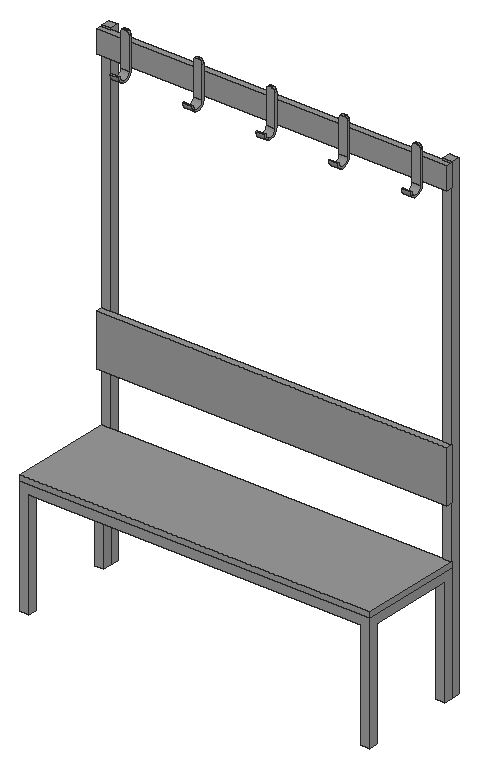
Revit family "Скамейка с вешалкой для раздевалок «Фортран» Арт 20742", category Антураж, Revit 2018
Family settings
  На основе рабочей плоскости = Нет
  Всегда вертикально = Да
  При загрузке вырезать с полостями = Нет
  Источник визуального образа = Геометрия семейства
  Общий = Нет
  Точка расчета площади = Нет
Parameters (values of type "Версия 1,2 м")
  Ширина = 380 mm  # constant formula
  Цвет опор = Сталь
  Цвет лавки = Настил HPL панели
  Описание = if([Версия 1,2 м], "Скамейка с вешалкой для раздевалок «Фортран». Версия 1,2 м", "Скамейка с вешалкой для раздевалок «Фортран». Версия 1,5 м")  # "Скамейка с вешалкой для раздевалок «Фортран». Версия 1,2 м"
  Материал изделия = "Сталь, настил HPL панели"  # constant formula
  Кол-во крючков = if([Версия 1,2 м], 5, 7)  # 5
  Изображение типоразмера = Скамейка с вешалкой для раздевалок «Фортран» Арт 20742.jpg
  Изготовитель = "ООО «Хоббика»"  # constant formula
  Длина = if([Версия 1,2 м], 1200 mm, 1500 mm)  # 1200 mm
  Группа модели = "Скамейки для раздевалок"  # constant formula
  Высота = 1650 mm  # constant formula
  Версия 1,5 м = not([Версия 1,2 м])  # no
  Версия 1,2 м = yes
  Артикул товара = "Арт. 20742"  # constant formula
  URL = "https://hobbyka.ru/product/skameyka_s_veshalkoy_dlya_razdevalok_fortran/"
Types (3, lengths in mm): name | Описание | Кол-во крючков | Длина | Версия 1,5 м | Версия 1,2 м
  (no name) | "Скамейка с вешалкой для раздевалок «Фортран». Версия 1,2 м" | 5 | 1200 | no | yes
  Версия 1,2 м | "Скамейка с вешалкой для раздевалок «Фортран». Версия 1,2 м" | 5 | 1200 | no | yes
  Версия 1,5 м | "Скамейка с вешалкой для раздевалок «Фортран». Версия 1,5 м" | 7 | 1500 | yes | no
Reference planes
  plane 1 "По центру (Вперед/Назад)": y = 0
  plane 2: z = 0
  plane 3 "По центру (Влево/Вправо)": x = 0
  plane 4: y = 380
  plane 5: x = 1200
  plane 6: z = 1650
  plane 7: x = 1170
  plane 8: x = 100
  plane 9: x = 1100
Forms (mm)
  Extrusion 1, solid, material "Сталь" <- "Цвет опор"
    sketch origin (0, 0, 0) x (1, 0, 0) y (0, 1, 0)
      loop
        line (0, 380) -> (0, 350) -> (30, 350) -> (30, 380) -> (0, 380)
      loop
        line (1170, 380) -> (1170, 350) -> (1200, 350) -> (1200, 380) -> (1170, 380)
    from 0 to 1650
  Extrusion 2, solid, material "Сталь" <- "Цвет опор"
    sketch origin (0, 0, 0) x (0, 1, 0) y (0, 0, 1)
      loop
        line (350, 0) -> (350, 400) -> (0, 400) -> (0, 0) -> (30, 0) -> (30, 370) -> (320, 370) -> (320, 0) -> (350, 0)
    from 0 to 30
  Extrusion 3, solid, material "Сталь" <- "Цвет опор"
    sketch origin (0, 0, 0) x (0, 1, 0) y (0, 0, 1)
      loop
        line (350, 0) -> (350, 400) -> (0, 400) -> (0, 0) -> (30, 0) -> (30, 370) -> (320, 370) -> (320, 0) -> (350, 0)
    from 1170 to 1200
  Extrusion 4, solid, material "Сталь" <- "Цвет опор"
    sketch origin (0, 0, 0) x (0, 1, 0) y (0, 0, 1)
      loop
        line (350, 400) -> (320, 400) -> (320, 370) -> (350, 370) -> (350, 400)
      loop
        line (0, 400) -> (0, 370) -> (30, 370) -> (30, 400) -> (0, 400)
    from 0 to 1200
  Extrusion 5, solid, material "Настил HPL панели" <- "Цвет лавки"
    sketch origin (0, 0, 0) x (0, 1, 0) y (0, 0, 1)
      loop
        line (350, 400) -> (350, 420) -> (0, 420) -> (0, 400) -> (350, 400)
      loop
        line (350, 780) -> (330, 780) -> (330, 600) -> (350, 600) -> (350, 780)
      loop
        line (350, 1645) -> (330, 1645) -> (330, 1570) -> (350, 1570) -> (350, 1645)
    from 0 to 1200
  Extrusion 6, solid, material "Сталь" <- "Цвет опор"
    sketch origin (0, 0, 0) x (0, 1, 0) y (0, 0, 1)
      loop
        line (350, 705) -> (350, 675) -> (380, 675) -> (380, 705) -> (350, 705)
    from 30 to 1170
Cuts and joins
  joined: Extrusion 2, Extrusion 3, Extrusion 4
Dimensions and locks
  "Ширина": plane 4 to plane 1 "По центру (Вперед/Назад)"
  "Длина": plane 3 "По центру (Влево/Вправо)" to plane 5
  "Высота": plane 6 to plane 2
  locked: plane 7 to plane 5 at 30
  plane 8 to plane 3 "По центру (Влево/Вправо)" = 100 mm
  locked: plane 5 to plane 9 at 100
  equal spacing: group 1, group 3, group 4, group 5, group 2  (x3)
  aligned and locked: level to plane 2
  aligned and locked: cut or joined group of Extrusion 2, Extrusion 3, Extrusion 4 to plane 7
  aligned and locked: Extrusion 1 to plane 7
  aligned and locked: plane 5 to Extrusion 5
  aligned and locked: plane 5 to cut or joined group of Extrusion 2, Extrusion 3, Extrusion 4  (x2)
  aligned and locked: plane 7 to Extrusion 6
  aligned and locked: plane 8 to nested 1
  aligned and locked: plane 9 to nested 2
Automatic sketch dimensions
  Extrusion 1 sketch curve to plane 3 "По центру (Влево/Вправо)" = 0 mm
  Extrusion 1 sketch curve to plane 4 = 0 mm
  plane 4 to Extrusion 1 sketch curve = 0 mm
  Extrusion 1 sketch curve to plane 5 = 0 mm
  plane 3 "По центру (Влево/Вправо)" to Extrusion 1 sketch curve = 30 mm
  Extrusion 1 sketch curve to plane 5 = 30 mm
  Extrusion 1 sketch curve to plane 4 = 30 mm  (x2)
  Extrusion 2 sketch curve to level = 0 mm  (x2)
  Extrusion 2 sketch curve to plane 1 "По центру (Вперед/Назад)" = 0 mm
  Extrusion 2 sketch curve to plane 1 "По центру (Вперед/Назад)" = 30 mm
  Extrusion 2 sketch curve to plane 4 = 60 mm
  Extrusion 2 sketch curve to plane 4 = 30 mm
  level to Extrusion 2 sketch curve = 370 mm
  Extrusion 2 sketch curve to Extrusion 2 sketch curve = 30 mm
  Extrusion 3 sketch curve to level = 0 mm  (x2)
  Extrusion 3 sketch curve to plane 1 "По центру (Вперед/Назад)" = 0 mm
  Extrusion 3 sketch curve to plane 1 "По центру (Вперед/Назад)" = 30 mm
  Extrusion 3 sketch curve to plane 4 = 60 mm
  Extrusion 3 sketch curve to plane 4 = 30 mm
  level to Extrusion 3 sketch curve = 370 mm
  Extrusion 3 sketch curve to Extrusion 3 sketch curve = 30 mm
  Extrusion 4 sketch curve to plane 1 "По центру (Вперед/Назад)" = 0 mm
  Extrusion 4 sketch curve to Extrusion 4 sketch curve = 30 mm  (x4)
  Extrusion 4 sketch curve to plane 4 = 60 mm
  level to Extrusion 4 sketch curve = 370 mm
  Extrusion 4 sketch curve to Extrusion 4 sketch curve = 0 mm
  Extrusion 5 sketch curve to plane 1 "По центру (Вперед/Назад)" = 0 mm
  Extrusion 5 sketch curve to plane 6 = 5 mm
  Extrusion 5 sketch curve to plane 4 = 50 mm  (x2)
  Extrusion 5 sketch curve to Extrusion 5 sketch curve = 20 mm  (x3)
  Extrusion 5 sketch curve to plane 4 = 30 mm
  Extrusion 5 sketch curve to Extrusion 5 sketch curve = 75 mm
  level to Extrusion 5 sketch curve = 780 mm
  Extrusion 5 sketch curve to Extrusion 5 sketch curve = 180 mm  (x2)
  Extrusion 6 sketch curve to plane 4 = 0 mm
  Extrusion 6 sketch curve to plane 4 = 30 mm
  level to Extrusion 6 sketch curve = 675 mm
  Extrusion 6 sketch curve to Extrusion 6 sketch curve = 30 mm
Nested families
  nested 1: "Крючек для вешалок" at (100, 330, 590.652), type "Крючек для вешалок"
  nested 2: "Крючек для вешалок" at (1100, 330, 590.652), type "Крючек для вешалок"
  nested 3: "Крючек для вешалок" at (350, 330, 590.652), type "Крючек для вешалок"
  nested 4: "Крючек для вешалок" at (600, 330, 590.652), type "Крючек для вешалок"
  nested 5: "Крючек для вешалок" at (850, 330, 590.652), type "Крючек для вешалок"
Definition of nested family "Крючек для вешалок"
  Parameters (values of type "Крючек для вешалок")
    Цвет опор = none
    Height = 0 mm
  Reference planes
    plane 1 "По центру (Вперед/Назад)": y = 0
    plane 2: z = 0
    plane 3 "По центру (Влево/Вправо)": x = 0
  Forms (mm)
    Extrusion 1, solid, material <- "Цвет опор"
      sketch origin (0, 0, 0) x (0, 1, 0) y (0, 0, 1)
        loop
          line (0, 966.848) -> (0, 1089.348)
          arc (0, 1089.348) -> (-2.5, 1091.848) -> (-5, 1089.348) r 2.5
          line (-5, 1089.348) -> (-5, 966.848)
          arc (-5, 966.848) -> (-25, 946.848) -> (-45, 966.848) r 20
          line (-45, 966.848) -> (-50, 966.848)
          arc (-50, 966.848) -> (-25, 941.848) -> (0, 966.848) r 25
      from -15 to 15
    Extrusion 2, void
      sketch origin (0, 0, 0) x (1, 0, 0) y (0, 0, 1)
        loop
          arc (-15, 1076.848) -> (0, 1091.848) -> (15, 1076.848) r 15
          line (15, 1076.848) -> (15, 1096.848) -> (-15, 1096.848) -> (-15, 1076.848)
      from 0 to 5
  Cuts and joins
    Extrusion 2 cuts Extrusion 1
  Dimensions and locks
    aligned and locked: level to plane 2
